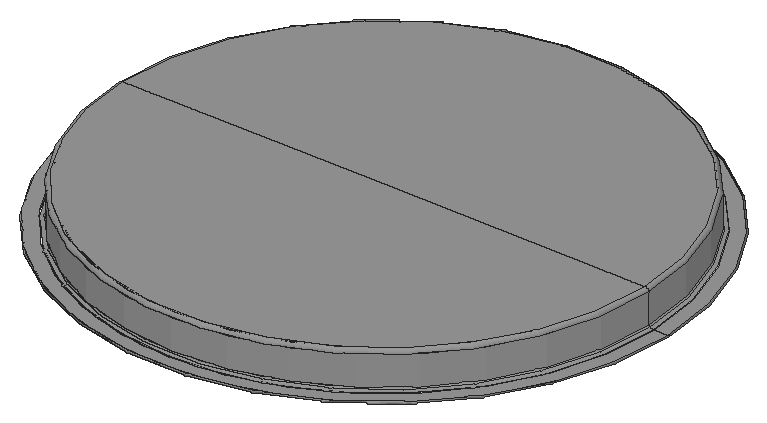
Revit family "JET MIA14_63_UN_Downlighter_ETK", category Lighting Fixtures, Revit 2017
Family settings
  Round Connector Dimension = Use Diameter
  Part Type = Normal
  OmniClass Number = 23.80.70.11.14.11
  OmniClass Title = Downlights
  Work Plane-Based = No
  Always vertical = Yes
  Cut with Voids When Loaded = No
  Light Source = No
  Shared = No
  Room Calculation Point = Yes
Parameters (values of type "MIA.1410.15 - Ø300 / 25W / 2500lm / 3000K")
  Wattage Comments = "25W"
  Voltage = 230 V
  URL = "http://www.etk.nl/producten/mia-1/"
  Type Comments = "IP40"
  Symbol_Waterproof [instance] = no
  Symbol_Emergency Lighting [instance] = no
  Switch Code [instance] = ""
  Radius = Diameter / 2  # 150 mm
  Model = "MIA.1"
  Manufacturer = "ETK licht B.V."
  Luminaire_Material = RAL9003
  Luminaire Code [instance] = ""
  Light Source = MIA.14 - Lightsource : MIA.1410.15 - 25W / 2500lm / 3000K
  Lamp = "LED"
  IfcExportType = "USERDEFINED"
  IfcExportAs = "IfcLightFixtureType"
  Diameter = 300 mm
  Copyright © IVLighting = "www.IVLighting.nl"
  Calc_Radius_housing = Radius - 10 mm  # 140 mm
  Calc_Radius_glass = Radius - 7.5 mm  # 142.5 mm
  Bundle = "110°"
  Assembly Code = "63.0"
  Apparent Load = 25 VA
Types (9, lengths in mm): name | Luminaire_Material | Light Source
  (no name) | RAL9003 | MIA.14 - Lightsource : MIA.1410.15 - 25W / 2500lm / 3000K
  MIA.1410.15 - Ø300 / 25W / 2500lm / 3000K | RAL9003 | MIA.14 - Lightsource : MIA.1410.15 - 25W / 2500lm / 3000K
  MIA.1410.25/35 - Ø300 / 25W / 2500lm / 3000K | RAL9005 | MIA.14 - Lightsource : MIA.1410.25/35 - 25W / 2500lm / 3000K
  MIA.1460.15 - Ø300 / 25W / 2750lm / 4000K | RAL9003 | MIA.14 - Lightsource : MIA.1460.15 - 25W / 2750lm / 4000K
  MIA.1460.25/35 - Ø300 / 25W / 2750lm / 4000K | RAL9005 | MIA.14 - Lightsource : MIA.1460.25/35 - 25W / 2750lm / 4000K
  MIA.1413.15 - Ø300 / 25W / 2500lm / 4000K | RAL9003 | MIA.14 - Lightsource : MIA.1413.15 - 25W / 2500lm / 3000K
  MIA.1413.25/35 - Ø300 / 25W / 2500lm / 4000K | RAL9005 | MIA.14 - Lightsource : MIA.1413.25/35 - 25W / 2500lm / 3000K
  MIA.1463.15 - Ø300 / 25W / 2750lm / 4000K | RAL9003 | MIA.14 - Lightsource : MIA.1463.15 - 25W / 2750lm / 4000K
  MIA.1463.25/35 - Ø300 / 25W / 2750lm / 4000K | RAL9005 | MIA.14 - Lightsource : MIA.1463.25/35 - 25W / 2750lm / 4000K
Reference planes
  plane 1 "Center (Front/Back)": y = 0
  plane 2: z = 0
  plane 3 "Center (Left/Right)": x = 0
Forms (mm)
  Revolve 1, solid, material "RAL9003" <- "Luminaire_Material"
    sketch origin (0, 0, 0) x (1, 0, 0) y (0, 0, 1)
      loop
        line (-142.516, 0) -> (-150, 0)
        arc (-150, 0) -> (-150.4, -0.4) -> (-150, -0.8) r 0.4
        line (-150, -0.8) -> (-142.516, -0.8) -> (-142.516, 0)
      axis (0, 0) -> (0, -1)
    angle from 0 to 360
  Revolve 2, solid, material "RAL9003" <- "Luminaire_Material"
    sketch origin (0, 0, 0) x (1, 0, 0) y (0, 0, 1)
      loop
        line (0, 0) -> (0, 19) -> (-137.956, 19)
        arc (-137.956, 19) -> (-139.401, 18.401) -> (-140, 16.956) r 2.044
        line (-140, 16.956) -> (-140, 1.415)
        arc (-140, 1.415) -> (-140.137, 0.905) -> (-140.51, 0.533) r 1.018
        arc (-140.51, 0.533) -> (-141.47, 0.135) -> (-142.5, 0) r 3.985
        line (-142.5, 0) -> (0, 0)
      axis (0, 19) -> (0, 0)
    angle from 0 to 360
  Revolve 3, solid, material "Glass, White, High Luminance"
    sketch origin (0, 0, 0) x (1, 0, 0) y (0, 0, 1)
      loop
        line (-142.5, -0.8) -> (0, -0.8) -> (0, 0) -> (-142.5, 0) -> (-142.5, -0.8)
      axis (0, 0) -> (0, -1)
    angle from 0 to 360
Cuts and joins
  joined: Revolve 1, Revolve 2
Dimensions and locks
  "Radius": plane 3 "Center (Left/Right)" to Revolve 1 sketch curve  (x2)
  "Calc_Radius_housing": Revolve 2 sketch curve to Revolve 2 sketch curve
  locked: Revolve 2 sketch curve to Revolve 2 sketch curve at 2.5
  "Calc_Radius_glass": Revolve 3 sketch curve to Revolve 3 sketch curve
  aligned and locked: level to plane 2
Automatic sketch dimensions
  Revolve 1 sketch curve to level = 0 mm
  Revolve 1 sketch curve to plane 3 "Center (Left/Right)" = 0 mm
  Revolve 1 sketch curve to Revolve 1 sketch curve = 7.484 mm
  Revolve 1 sketch curve to level = 0.4 mm
  Revolve 1 sketch curve to level = 366.045 mm
  level to Revolve 1 sketch curve = 2214.315 mm
  Revolve 2 sketch curve to level = 0 mm
  Revolve 2 sketch curve to plane 3 "Center (Left/Right)" = 0 mm  (x2)
  Revolve 2 sketch curve to Revolve 2 sketch curve = 1.018 mm
  Revolve 2 sketch curve to Revolve 2 sketch curve = 2.044 mm
  level to Revolve 2 sketch curve = 1.415 mm
  Revolve 2 sketch curve to Revolve 2 sketch curve = 2.571 mm
  Revolve 2 sketch curve to Revolve 2 sketch curve = 12.971 mm
  Revolve 2 sketch curve to level = 366.045 mm
  Revolve 2 sketch curve to Revolve 2 sketch curve = 2195.315 mm
  Revolve 3 sketch curve to level = 0 mm
  Revolve 3 sketch curve to plane 3 "Center (Left/Right)" = 0 mm  (x2)
  Revolve 3 sketch curve to level = 0.8 mm
  Revolve 3 sketch curve to Revolve 3 sketch curve = 365.245 mm
  level to Revolve 3 sketch curve = 2214.315 mm
Nested families
  nested 1: "MIA.14 - Lightsource" at (-0.83, 0, 0), type <- "Light Source", type "MIA.1410.15 - 25W / 2500lm / 3000K"
  nested 2: "MIA.14 Light_Symbol_IVL" at (0, 0, 0), type "Lighting Fixture - Round"
Definition of nested family "MIA.14 - Lightsource"
  Parameters (values of type "MIA.1410.15 - 25W / 2500lm / 3000K")
    Wattage Comments = "25W"
    Wattage = 16.8303 W
    built-in parameter 1150110 = 1 (stored number, unit not read)
    URL = "https://www.etk.nl/?___store=en&___from_store=nl"
    built-in parameter 1114217 = 1 (stored number, unit not read)
    Tilt Angle = 90.00°
    built-in parameter 1150109 = 1 (stored number, unit not read)
    built-in parameter 1150134 = (empty or 0)
    built-in parameter 1150113 = 1 (stored number, unit not read)
    Photometric Web File = "ALL.1100.15_LDT.ies"
    Model = "MIA.14"
    Manufacturer = "ETK B.V."
    built-in parameter 1150105 = 198.94 (stored number, unit not read)
    Lumens = 2500 lm
    built-in parameter 1150115 = 1 (stored number, unit not read)
    built-in parameter 1150137 = (empty or 0)
    built-in parameter 1150139 = (empty or 0)
    built-in parameter 1150112 = 1 (stored number, unit not read)
    built-in parameter 1150114 = 1 (stored number, unit not read)
    Lamp = "LED"
    built-in parameter 1150132 = 2
    built-in parameter 1150102 = (empty or 0)
    built-in parameter 1150107 = 3000 (stored number, unit not read)
    built-in parameter 1150138 = (empty or 0)
    built-in parameter 1150106 = 1.9894 (stored number, unit not read)
    built-in parameter 1150104 = 13.8 (stored number, unit not read)
    Dimming Lamp Color Temperature Shift = (empty or 0)
    Description = "Light sources"
    Copyright © IVLighting = "www.ivlighting.nl"
    Color Filter = 16777215
    Bundle = "110°"
    built-in parameter 1114218 = 1 (stored number, unit not read)
    built-in parameter 1150133 = 10 (stored number, unit not read)
    Apparent Load = 25 VA
  Types (8, lengths in mm): name | Wattage | built-in parameter 1150134 | built-in parameter 1150105 | Lumens | built-in parameter 1150107 | built-in parameter 1150106
    MIA.1410.15 - 25W / 2500lm / 3000K | 16.8303 W | (empty or 0) | 198.94 (stored number, unit not read) | 2500 lm | 3000 (stored number, unit not read) | 1.9894 (stored number, unit not read)
    MIA.1410.25/35 - 25W / 2500lm / 3000K | 16.8303 W | (empty or 0) | 198.94 (stored number, unit not read) | 2500 lm | 3000 (stored number, unit not read) | 1.9894 (stored number, unit not read)
    MIA.1460.15 - 25W / 2750lm / 4000K | 18.5133 W | 12 | 218.84 (stored number, unit not read) | 2750 lm | 4000 (stored number, unit not read) | 2.1884 (stored number, unit not read)
    MIA.1460.25/35 - 25W / 2750lm / 4000K | 18.5133 W | 12 | 218.84 (stored number, unit not read) | 2750 lm | 4000 (stored number, unit not read) | 2.1884 (stored number, unit not read)
    MIA.1413.15 - 25W / 2500lm / 3000K | 16.8303 W | (empty or 0) | 198.94 (stored number, unit not read) | 2500 lm | 3000 (stored number, unit not read) | 1.9894 (stored number, unit not read)
    MIA.1413.25/35 - 25W / 2500lm / 3000K | 16.8303 W | (empty or 0) | 198.94 (stored number, unit not read) | 2500 lm | 3000 (stored number, unit not read) | 1.9894 (stored number, unit not read)
    MIA.1463.15 - 25W / 2750lm / 4000K | 18.5133 W | 12 | 218.84 (stored number, unit not read) | 2750 lm | 4000 (stored number, unit not read) | 2.1884 (stored number, unit not read)
    MIA.1463.25/35 - 25W / 2750lm / 4000K | 18.5133 W | 12 | 218.84 (stored number, unit not read) | 2750 lm | 4000 (stored number, unit not read) | 2.1884 (stored number, unit not read)
  Reference planes
    plane 1 "Center (Front/Back)": y = 0
    plane 2: z = 0
    plane 3 "Center (Left/Right)": x = 0
  Dimensions and locks
    aligned and locked: level to plane 2
Definition of nested family "MIA.14 Light_Symbol_IVL"
  Parameters (values of type "Lighting Fixture Round - Waterproof")
    Waterproof = yes
    Lighting Fixture = yes
    Emergency Lighting = no
  Types (3, lengths in mm): name | Waterproof | Emergency Lighting
    Lighting Fixture - Round | no | no
    Lighting Fixture Round - Emergency Lighting | no | yes
    Lighting Fixture Round - Waterproof | yes | no
  Reference planes
    plane 1: y = 0
    plane 2: x = 0
  Lines and regions (mm)
    Filled region 1, type "Emergency Lighting", visible <- "Waterproof"
      outline origin (5.15, 1.04, 0) x (1, 0, 0) y (0, 1, 0)
        loop
          arc (-6.62, -1.34) -> (-5.15, -2.54) -> (-3.68, -1.34) r 1.5
          line (-3.68, -1.34) -> (-6.62, -1.34)
    Filled region 2, type "Emergency Lighting", visible <- "Emergency Lighting"
      outline origin (-5.15, 1.04, 0) x (0, 1, 0) y (-1, 0, 0)
        loop
          line (-1.04, -5.15) -> (-2.101, -6.211)
          arc (-2.101, -6.211) -> (-1.04, -6.65) -> (0.02, -6.211) r 1.5
          line (0.02, -6.211) -> (-1.04, -5.15)
    Filled region 3, type "Emergency Lighting", visible <- "Emergency Lighting"
      outline origin (5.15, 1.04, 0) x (1, 0, 0) y (0, 1, 0)
        loop
          line (-5.15, -1.04) -> (-6.211, 0.02)
          arc (-6.211, 0.02) -> (-6.65, -1.04) -> (-6.211, -2.101) r 1.5
          line (-6.211, -2.101) -> (-5.15, -1.04)
    detail lines, visible <- "Lighting Fixture"
      curve 1: circle (0, 0, 0) r 1.5 normal (0, 0, 1)
    detail lines, visible <- "Waterproof"
      curve 2: circle (0, 0, 0) r 1.5 normal (0, 0, 1)
    detail lines, visible <- "Emergency Lighting"
      curve 3: circle (0, 0, 0) r 1.5 normal (0, 0, 1)
